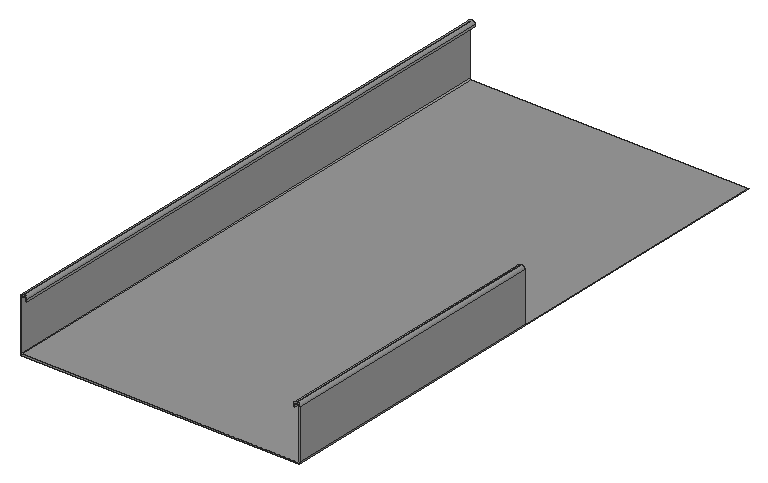
Revit family "Kabelrinne BKRS 1050 90R FS", category Generic Models, Revit 2017
Family settings
  Can host rebar = No
  Round Connector Dimension = Use Diameter
  Part Type = Normal
  Work Plane-Based = No
  Always vertical = Yes
  Cut with Voids When Loaded = No
  Shared = No
  Room Calculation Point = No
Parameters (values of type "BKRS 1050 90R FS")
  Width = 500 mm
  URL = "http://www.obo-bettermann.com"
  Material = Strip galvanised
  Manufacturer Art.No. = "6061938"
  Manufacturer = "OBO BETTERMANN"
  GTIN = "4012196710324"
  Article Type = "BKRS 1050 90R FS"
Reference planes
  plane 1 "Center (Front/Back)": y = 0
  plane 2: z = 0
  plane 3 "Center (Left/Right)": x = 0
  plane 4: y = 1000
  plane 5: y = 700
  plane 6: y = 500
Forms (mm)
  Extrusion 1, solid, material "Strip galvanised" <- "Material"
    sketch origin (0, 0, 0) x (1, 0, 0) y (0, 0, 1)
      loop
        line (3.5, 0) -> (496.5, 0)
        arc (496.5, 0) -> (498.975, 1.025) -> (500, 3.5) r 3.5
        line (500, 3.5) -> (500, 91.947)
        arc (500, 91.947) -> (494, 97.947) -> (488, 91.947) r 6
        line (488, 91.947) -> (488, 89) -> (490, 89) -> (490, 91.947)
        arc (490, 91.947) -> (494, 95.947) -> (498, 91.947) r 4
        line (498, 91.947) -> (498, 3.5)
        arc (498, 3.5) -> (497.561, 2.439) -> (496.5, 2) r 1.5
        line (496.5, 2) -> (3.5, 2)
        arc (3.5, 2) -> (2.439, 2.439) -> (2, 3.5) r 1.5
        line (2, 3.5) -> (2, 91.982)
        arc (2, 91.982) -> (6, 95.982) -> (10, 91.982) r 4
        line (10, 91.982) -> (10, 89) -> (12, 89) -> (12, 91.982)
        arc (12, 91.982) -> (6, 97.982) -> (0, 91.982) r 6
        line (0, 91.982) -> (0, 3.5)
        arc (0, 3.5) -> (1.025, 1.025) -> (3.5, 0) r 3.5
    from 0 to -1000
  Extrusion 2, void
    sketch origin (0, 0, 0) x (1, 0, 0) y (0, 1, 0)
      loop
        line (500, 1000) -> (488, 1000) -> (488, 500) -> (500, 500) -> (500, 1000)
    from 2 to 101.83
Cuts and joins
  Extrusion 2 cuts Extrusion 1
Dimensions and locks
  Extrusion 1 sketch curve to Extrusion 1 sketch curve = 500 mm
  locked: Extrusion 1 sketch curve to Extrusion 1 sketch curve at 97.947
  locked: Extrusion 1 sketch curve to Extrusion 1 sketch curve at 97.982
  locked: Extrusion 1 sketch curve to Extrusion 1 sketch curve at 2  (x3)
  locked: Extrusion 1 sketch curve to Extrusion 1 sketch curve at 8.982
  locked: Extrusion 1 sketch curve to Extrusion 1 sketch curve at 8.947
  locked: Extrusion 1 sketch curve to Extrusion 1 sketch curve at 12  (x2)
  locked: plane 1 "Center (Front/Back)" to plane 4 at 1000
  Extrusion 1 to plane 5 = 300 mm
  "Width": cut or joined group of Extrusion 1, Extrusion 2 to cut or joined group of Extrusion 1, Extrusion 2
  locked: cut or joined group of Extrusion 1, Extrusion 2 to plane 6 at 500
  aligned and locked: level to plane 2
  aligned and locked: plane 1 "Center (Front/Back)" to Extrusion 1
  aligned and locked: Extrusion 1 to plane 4
  aligned and locked: Extrusion 2 to Extrusion 1  (x4)
  aligned and locked: Extrusion 2 to plane 6
Automatic sketch dimensions
  Extrusion 1 sketch curve to Extrusion 1 sketch curve = 0 mm  (x8)
  Extrusion 1 sketch curve to plane 3 "Center (Left/Right)" = 0 mm
  Extrusion 1 sketch curve to level = 0 mm
  Extrusion 1 sketch curve to Extrusion 1 sketch curve = 1.5 mm  (x2)
  Extrusion 2 sketch curve to plane 4 = 0 mm
  Extrusion 2 sketch curve to plane 5 = 200 mm
  plane 3 "Center (Left/Right)" to Extrusion 2 sketch curve = 488 mm
  Extrusion 2 sketch curve to Extrusion 2 sketch curve = 12 mm
